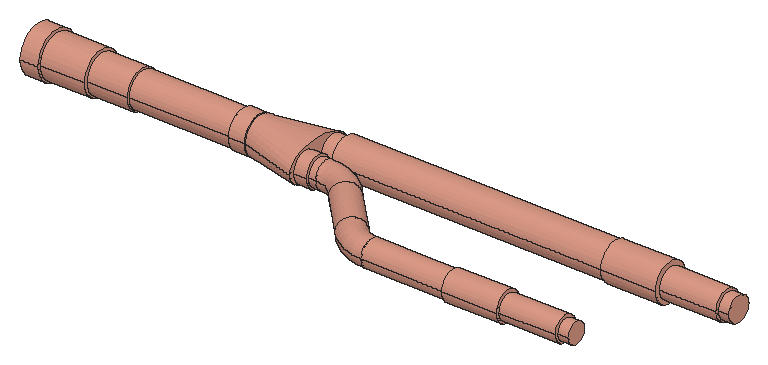
Revit family "outputfile", category 配管付属品, Revit 2024
Family settings
  丸型コネクタ寸法 = 半径を使用
  パーツ タイプ = 標準
  OmniClass 番号 = 23.65.55.00
  OmniClass タイトル = Distribution of Supplied Liquids/Gases
  作業面ベース = いいえ
  常に垂直 = はい
  ロード時にボイドで切り取り = いいえ
  共有 = いいえ
Parameters (values of type "KHRP25A73T + KHRP25M73TP")
  Description = ""
  製造元 = "Daikin"
  書き出し IFC クラス(タイプ) = "IfcPipeFittingType"
  定義済み IFC タイプ(タイプ) = "JUNCTION"
  Cost = 0
  Type Comments = ""
  Keynote = ""
  Type Image = (empty or 0)
  Assembly Code = ""
  mm⇔inch [instance] = yes
  Default Elevation = 0.0 mm
  モデル = "KHRP25A73T + KHRP25M73TP"
  table_StraightPipe [instance] = if(mm⇔inch, "Refnet Joint_KHRP25A-T_HPLPGas_StraightPipe", "Refnet Joint_KHRP25A-T_HPLPGas_StraightPipe_inch")  # "Refnet Joint_KHRP25A-T_HPLPGas_StraightPipe"
  table_BranchPipe [instance] = if(mm⇔inch, "Refnet Joint_KHRP25A-T_HPLPGas_BranchPipe", "Refnet Joint_KHRP25A-T_HPLPGas_BranchPipe_inch")  # "Refnet Joint_KHRP25A-T_HPLPGas_BranchPipe"
  table_Inlet [instance] = if(mm⇔inch, "Refnet Joint_KHRP25A-T_HPLPGas_Inlet", "Refnet Joint_KHRP25A-T_HPLPGas_Inlet_inch")  # "Refnet Joint_KHRP25A-T_HPLPGas_Inlet"
  switch_StraightPipe_Reducer [instance] = if(Is_StraightPipe Reducer = 1, 1 = 1, 1 = 0)  # no
  switch_StraightPipe3 [instance] = if(number_StraightPipe = 3, 1 = 1, 1 = 0)  # yes
  switch_StraightPipe2 [instance] = if(number_StraightPipe < 2, 1 = 0, 1 = 1)  # yes
  switch_BranchPipe_Reducer [instance] = if(Is_BranchPipe Reducer = 1, 1 = 1, 1 = 0)  # no
  switch_BranchPipe3 [instance] = if(number_BranchPipe = 3, 1 = 1, 1 = 0)  # yes
  switch_BranchPipe2 [instance] = if(number_BranchPipe < 2, 1 = 0, 1 = 1)  # yes
  switch_Inlet pipe_Reducer [instance] = if(Is_Inlet Reducer = 1, 1 = 1, 1 = 0)  # no
  switch_Inlet pipe3 [instance] = if(number_InletPipe = 3, 1 = 1, 1 = 0)  # yes
  switch_Inlet pipe2 [instance] = if(number_InletPipe < 2, 1 = 0, 1 = 1)  # yes
  Uniclass2015Version = "Products v1.31"
  Uniclass2015Title = "Copper pipe fittings"
  Uniclass2015Code = "Pr_65_52_63_18"
  URL = ""
  StraightPipe_HP/LP Gas_ActualDiameter [instance] = 15.9 mm
  Material_Piping = DAIKIN_Copper_Pipe
  Material_Insulation = DAIKIN_White_Insulation
  lw_Insulation [instance] = size_lookup(table_Inlet, "lw_Insulation", 60.0 mm, モデル)  # 57.0 mm
  Unit Type = "KHRP25A-T_HPLPGas"
  Tag No. [instance] = ""
  StraightPipe_HP/LP Gas_Status [instance] = size_lookup(table_StraightPipe, "Information", "The connected pipe size is not available.", モデル, [StraightPipe_HP/LP Gas_ActualDiameter])  # "Default connector size is used."
  Link_Nested Family [instance] = ""
  Inlet_HP/LP Gas_Actual Diameter [instance] = 31.8 mm
  IfcVersion = ""
  IfcExportType = "JUNCTION"
  IfcExportAs = "IfcPipeFittingType"
  BranchPipe_HP/LP Gas_Status [instance] = size_lookup(table_BranchPipe, "Information", "The connected pipe size is not available.", モデル, [BranchPipe_HP/LP Gas_ActualDiameter])  # "Default connector size is used."
  Inlet_HP/LP Gas_Status [instance] = size_lookup(table_Inlet, "Information", "The connected pipe size is not available.", モデル, [Inlet_HP/LP Gas_Actual Diameter])  # "Default connector size is used."
  Series = "Refnet Joint"
  O.R_dividePipe_Inlet [instance] = (I.D_InletPipe1 + 2.0 mm) / 2  # 13.7 mm
  r_StraightPipe_Connector [instance] = [StraightPipe_HP/LP Gas_ActualDiameter] / 2  # 7.95 mm
  r_BranchPipe_Connector [instance] = [BranchPipe_HP/LP Gas_ActualDiameter] / 2  # 6.35 mm
  r_Inlet_Connector [instance] = [Inlet_HP/LP Gas_Actual Diameter] / 2  # 15.9 mm
  number_StraightPipe [instance] = size_lookup(table_StraightPipe, "pipeNumber", 3, モデル, [StraightPipe_HP/LP Gas_ActualDiameter])  # 3
  number_BranchPipe [instance] = size_lookup(table_BranchPipe, "pipeNumber", 2, モデル, [BranchPipe_HP/LP Gas_ActualDiameter])  # 3
  number_InletPipe [instance] = size_lookup(table_Inlet, "pipeNumber", 2, モデル, [Inlet_HP/LP Gas_Actual Diameter])  # 3
  r_BranchPipeR [instance] = size_lookup(table_BranchPipe, "r_offsetPipeR", 20.0 mm, モデル, [BranchPipe_HP/LP Gas_ActualDiameter])  # 30.0 mm
  l_BranchPipe_Straight2 [instance] = size_lookup(table_BranchPipe, "L_offsetPipe2", 40.0 mm, モデル)  # 60.0 mm
  l_BranchPipe_Straight1 [instance] = size_lookup(table_BranchPipe, "L_offsetPipe1", 5.5 mm, モデル)  # 5.6 mm
  l_BranchPipe connector [instance] = size_lookup(table_BranchPipe, "Length", 165.0 mm, モデル, [BranchPipe_HP/LP Gas_ActualDiameter])  # 243.0 mm
  l_inlet connector [instance] = size_lookup(table_Inlet, "Length", 97.0 mm, モデル, [Inlet_HP/LP Gas_Actual Diameter])  # 162.0 mm
  l_dividePipe [instance] = size_lookup(table_Inlet, "L_devidePipe", 38.0 mm, モデル)  # 43.0 mm
  l_StraightPipeReducer [instance] = size_lookup(table_StraightPipe, "L_Reducer", 100.0 mm, モデル, [StraightPipe_HP/LP Gas_ActualDiameter])  # 100.0 mm
  l_StraightPipe3 [instance] = size_lookup(table_StraightPipe, "L_Pipe3", 8.0 mm, モデル)  # 8.0 mm
  l_StraightPipe2 [instance] = size_lookup(table_StraightPipe, "L_Pipe2", 42.0 mm, モデル)  # 42.0 mm
  l_StraightPipe1 [instance] = size_lookup(table_StraightPipe, "L_Pipe1", 40.0 mm, モデル)  # 40.0 mm
  l_StraightPipe0 [instance] = size_lookup(table_StraightPipe, "L_Pipe0", 105.0 mm, モデル)  # 198.0 mm
  l_StraightPipe connector [instance] = size_lookup(table_StraightPipe, "Length", 205.0 mm, モデル, [StraightPipe_HP/LP Gas_ActualDiameter])  # 298.0 mm
  l_BranchPipe Reducer [instance] = size_lookup(table_BranchPipe, "L_Reducer", 80.0 mm, モデル, [BranchPipe_HP/LP Gas_ActualDiameter])  # 120.0 mm
  l_BranchPipe3 [instance] = size_lookup(table_BranchPipe, "L_Pipe3", 2.0 mm, モデル)  # 8.0 mm
  l_BranchPipe2 [instance] = size_lookup(table_BranchPipe, "L_Pipe2", 7.0 mm, モデル)  # 42.0 mm
  l_BranchPipe1 [instance] = size_lookup(table_BranchPipe, "L_Pipe1", 43.0 mm, モデル)  # 40.0 mm
  l_BranchPipe0 [instance] = size_lookup(table_BranchPipe, "L_Pipe0", 105.0 mm, モデル)  # 143.0 mm
  l_InletReducer [instance] = size_lookup(table_Inlet, "L_Reducer", 60.0 mm, モデル, [Inlet_HP/LP Gas_Actual Diameter])  # 120.0 mm
  l_InletPipe3 [instance] = size_lookup(table_Inlet, "L_Pipe3", 2.0 mm, モデル)  # 13.0 mm
  l_InletPipe2 [instance] = size_lookup(table_Inlet, "L_Pipe2", 8.0 mm, モデル)  # 33.0 mm
  l_InletPipe1 [instance] = size_lookup(table_Inlet, "L_Pipe1", 42.0 mm, モデル)  # 30.0 mm
  l_InletPipe0 [instance] = size_lookup(table_Inlet, "L_Pipe0", 35.0 mm, モデル)  # 74.0 mm
  center_StraightPipe [instance] = size_lookup(table_StraightPipe, "center_Pipe", 8.5 mm, モデル)  # 12.5 mm
  center_BranchPipe2 [instance] = size_lookup(table_BranchPipe, "center_OffsetPipe", 71.5 mm, モデル)  # 67.5 mm
  center_BranchPipe1 [instance] = size_lookup(table_BranchPipe, "center_Pipe", 8.5 mm, モデル)  # 12.5 mm
  StraightPipe_HP/LP Gas_AvailableDiameter [instance] = size_lookup(table_StraightPipe, "sizeVariation", "", モデル)  # "15.9/19.1/22.2/25.4/28.6/31.8mm"
  BranchPipe_HP/LP Gas_AvailableDiameter [instance] = size_lookup(table_BranchPipe, "sizeVariation", "", モデル)  # "9.5/12.7/15.9/19.1/22.2/25.4mm"
  Inlet_HP/LP Gas_Available Diameter [instance] = size_lookup(table_Inlet, "sizeVariation", "", モデル)  # "25.4/28.6/31.8/34.9/41.3mm"
  O.D_StraightPipe Reducer [instance] = size_lookup(table_StraightPipe, "O.D_reducer", 2.0 mm, モデル, [StraightPipe_HP/LP Gas_ActualDiameter])  # 2.0 mm
  O.D_Offset Outlet Reducer [instance] = size_lookup(table_BranchPipe, "O.D_reducer", 2.0 mm, モデル, [BranchPipe_HP/LP Gas_ActualDiameter])  # 2.0 mm
  O.D_Inlet Reducer [instance] = size_lookup(table_Inlet, "O.D_reducer", 2.0 mm, モデル, [Inlet_HP/LP Gas_Actual Diameter])  # 2.0 mm
  Is_StraightPipe Reducer [instance] = size_lookup(table_StraightPipe, "IsReducer", 0, モデル, [StraightPipe_HP/LP Gas_ActualDiameter])  # 0
  Is_BranchPipe Reducer [instance] = size_lookup(table_BranchPipe, "IsReducer", 0, モデル, [BranchPipe_HP/LP Gas_ActualDiameter])  # 0
  Is_Inlet Reducer [instance] = size_lookup(table_Inlet, "IsReducer", 0, モデル, [Inlet_HP/LP Gas_Actual Diameter])  # 0
  BranchPipe_HP/LP Gas_ActualDiameter [instance] = 12.7 mm
  Attach_Insulation [instance] = no
  I.D_StraightPipe3 [instance] = size_lookup(table_StraightPipe, "I.D_PipeSize3", 9.5 mm, モデル)  # 15.9 mm
  I.D_StraightPipe2 [instance] = size_lookup(table_StraightPipe, "I.D_PipeSize2", 12.7 mm, モデル)  # 19.1 mm
  I.D_StraightPipe1 [instance] = size_lookup(table_StraightPipe, "I.D_PipeSize1", 15.9 mm, モデル)  # 25.4 mm
  I.D_StraightPipe0 [instance] = size_lookup(table_StraightPipe, "I.D_PipeSize0", 13.9 mm, モデル)  # 23.4 mm
  I.D_BranchPipe3 [instance] = size_lookup(table_BranchPipe, "I.D_PipeSize3", 2.0 mm, モデル)  # 12.7 mm
  I.D_BranchPipe2 [instance] = size_lookup(table_BranchPipe, "I.D_PipeSize2", 9.5 mm, モデル)  # 15.9 mm
  I.D_BranchPipe1 [instance] = size_lookup(table_BranchPipe, "I.D_PipeSize1", 12.7 mm, モデル)  # 19.1 mm
  I.D_BranchPipe0 [instance] = size_lookup(table_BranchPipe, "I.D_PipeSize0", 10.7 mm, モデル)  # 17.1 mm
  I.D_Straight Reducer [instance] = size_lookup(table_StraightPipe, "I.D_reducer", 2.0 mm, モデル, [StraightPipe_HP/LP Gas_ActualDiameter])  # 2.0 mm
  I.D_OutletPipe [instance] = size_lookup(table_Inlet, "I.D_OutletPipeSize", 13.3 mm, モデル, [Inlet_HP/LP Gas_Actual Diameter])  # 19.6 mm
  I.D_Branch Reducer [instance] = size_lookup(table_BranchPipe, "I.D_reducer", 2.0 mm, モデル, [BranchPipe_HP/LP Gas_ActualDiameter])  # 2.0 mm
  I.D_Inlet Reducer [instance] = size_lookup(table_Inlet, "I.D_reducer", 2.0 mm, モデル, [Inlet_HP/LP Gas_Actual Diameter])  # 2.0 mm
  I.D_InletPipe3 [instance] = size_lookup(table_Inlet, "I.D_PipeSize3", 2.0 mm, モデル)  # 31.8 mm
  I.D_InletPipe2 [instance] = size_lookup(table_Inlet, "I.D_PipeSize2", 12.7 mm, モデル)  # 28.6 mm
  I.D_InletPipe1 [instance] = size_lookup(table_Inlet, "I.D_PipeSize1", 15.9 mm, モデル)  # 25.4 mm
  I.D_InletPipe0 [instance] = size_lookup(table_Inlet, "I.D_PipeSize0", 13.9 mm, モデル)  # 23.4 mm
Reference planes
  plane 1 "Center (Front/Back)": y = 0
  plane 2: z = 0
  plane 3 "base_left": x = 0
  plane 4: x = 13
  plane 5: x = 46
  plane 6: x = 76
  plane 7: x = 150
  plane 8: x = 162
  plane 9: x = 205
  plane 10: x = 215
  plane 11 "center_straight outlet": y = 12.5
  plane 12 "center2_offset outlet": y = -67.5
  plane 13 "center1_offset outlet": y = -12.5
  plane 14: x = 413
  plane 15: x = 453
  plane 16: x = 495
  plane 17: x = 358
  plane 18: x = 398
  plane 19: x = 440
  plane 20: x = 503
  plane 21: x = 448
  plane 22 "Reducer_straightoutlet": x = 448
  plane 23: x = 503
  plane 24: y = -26.2
  plane 25: z = 13.7
  plane 26 "Inlet_connector": x = 0
  plane 27 "Left_Insulation": x = 105
Forms (mm)
  SweptBlend 1, solid, material "DAIKIN_Copper_Pipe" <- "Material_Piping"
    path origin (0, 0, 0) x (1, 0, 0) y (0, 1, 0)
      loop
        line (162, 0) -> (205, 0)
    profile origin (162, 0, 0) x (0, 1, 0) y (0, 0, 1)
      loop
        circle (0, 0) r 13.7
    end profile origin (205, 0, 0) x (0, 1, 0) y (0, 0, 1)
      loop
        spline (-26.2, 0) -> (-25.307, -3.546) -> (-22.69, -6.85) -> (-18.526, -9.687) -> (-13.1, -11.865) -> (-6.781, -13.233) -> (0, -13.7) -> (6.781, -13.233) -> (13.1, -11.865) -> (18.526, -9.687) -> (22.69, -6.85) -> (25.307, -3.546) -> (26.2, 0)
        spline (26.2, 0) -> (25.307, 3.546) -> (22.69, 6.85) -> (18.526, 9.687) -> (13.1, 11.865) -> (6.781, 13.233) -> (0, 13.7) -> (-6.781, 13.233) -> (-13.1, 11.865) -> (-18.526, 9.687) -> (-22.69, 6.85) -> (-25.307, 3.546) -> (-26.2, 0)
Dimensions and locks
  "l_InletPipe3": plane 3 "base_left" to plane 4
  "l_InletPipe2": plane 4 to plane 5
  "l_InletPipe1": plane 5 to plane 6
  "l_InletPipe0": plane 6 to plane 7
  locked: plane 7 to plane 8 at 12
  "center_StraightPipe": plane 1 "Center (Front/Back)" to plane 11 "center_straight outlet"
  "center_BranchPipe2": plane 12 "center2_offset outlet" to plane 1 "Center (Front/Back)"
  "center_BranchPipe1": plane 13 "center1_offset outlet" to plane 1 "Center (Front/Back)"
  "l_dividePipe": plane 8 to plane 9
  plane 9 to plane 10 = 10.0 mm
  "l_StraightPipe0": plane 10 to plane 14
  "l_BranchPipe0": plane 10 to plane 17
  "l_BranchPipe1": plane 17 to plane 18
  "l_BranchPipe2": plane 18 to plane 19
  "l_StraightPipe1": plane 14 to plane 15
  "l_StraightPipe2": plane 15 to plane 16
  "l_StraightPipe3": plane 16 to plane 20
  "l_BranchPipe3": plane 19 to plane 21
  "l_BranchPipe connector": plane 9 to plane 22 "Reducer_straightoutlet"
  "l_StraightPipe connector": plane 9 to plane 23
  "O.R_dividePipe_Inlet": plane 24 to plane 13 "center1_offset outlet"
  "O.R_dividePipe_Inlet": plane 25 to plane 2
  "l_inlet connector": plane 26 "Inlet_connector" to plane 8
  "lw_Insulation": plane 27 "Left_Insulation" to plane 8
  "O.R_dividePipe_Inlet": radius of SweptBlend 1 sketch curve
  aligned and locked: level to plane 2
  aligned and locked: plane 2 to nested 1
  aligned and locked: plane 3 "base_left" to nested 1
  aligned and locked: plane 1 "Center (Front/Back)" to nested 1
  aligned and locked: plane 4 to nested 2
  aligned and locked: plane 1 "Center (Front/Back)" to nested 2
  aligned and locked: plane 5 to nested 2
  aligned and locked: plane 5 to nested 3
  aligned and locked: plane 6 to nested 3
  aligned and locked: plane 6 to nested 4
  aligned and locked: nested 4 to plane 7
  aligned and locked: nested 5 to plane 7
  aligned and locked: nested 5 to plane 8
  aligned and locked: plane 8 to SweptBlend 1 sketch curve
  aligned and locked: plane 9 to SweptBlend 1 sketch curve
  aligned and locked: plane 2 to SweptBlend 1 sketch curve  (x2)
  aligned and locked: plane 1 "Center (Front/Back)" to SweptBlend 1 sketch curve  (x2)
  aligned and locked: nested 6 to plane 9
  aligned and locked: nested 7 to plane 9
  aligned and locked: nested 6 to plane 11 "center_straight outlet"
  aligned and locked: nested 7 to plane 13 "center1_offset outlet"
  aligned and locked: nested 7 to plane 10
  aligned and locked: nested 6 to plane 10
  aligned and locked: nested 8 to plane 10
  aligned and locked: plane 14 to nested 8
  aligned and locked: nested 8 to plane 11 "center_straight outlet"
  aligned and locked: plane 14 to nested 9
  aligned and locked: nested 9 to plane 11 "center_straight outlet"
  aligned and locked: plane 15 to nested 9
  aligned and locked: nested 10 to plane 11 "center_straight outlet"
  aligned and locked: plane 15 to nested 10
  aligned and locked: plane 16 to nested 10
  aligned and locked: nested 11 to plane 12 "center2_offset outlet"
  aligned and locked: plane 17 to nested 11
  aligned and locked: plane 18 to nested 11
  aligned and locked: nested 12 to plane 12 "center2_offset outlet"
  aligned and locked: plane 18 to nested 12
  aligned and locked: plane 19 to nested 12
  aligned and locked: nested 13 to plane 10
  aligned and locked: nested 13 to plane 13 "center1_offset outlet"
  aligned and locked: nested 13 to plane 12 "center2_offset outlet"
  aligned and locked: plane 8 to nested 14
  aligned and locked: plane 1 "Center (Front/Back)" to nested 14
  aligned and locked: plane 11 "center_straight outlet" to nested 15
  aligned and locked: nested 15 to plane 9
  aligned and locked: nested 16 to plane 9
  aligned and locked: plane 12 "center2_offset outlet" to nested 16
  aligned and locked: nested 17 to plane 1 "Center (Front/Back)"
  aligned and locked: plane 16 to nested 18
  aligned and locked: plane 20 to nested 18
  aligned and locked: plane 19 to nested 19
  aligned and locked: plane 21 to nested 19
  aligned and locked: nested 20 to plane 12 "center2_offset outlet"
  aligned and locked: plane 23 to nested 21
  aligned and locked: nested 21 to plane 11 "center_straight outlet"
  aligned and locked: plane 4 to nested 1
  aligned and locked: plane 24 to SweptBlend 1 sketch curve
  aligned and locked: plane 25 to SweptBlend 1 sketch curve
  aligned and locked: nested 19 to plane 12 "center2_offset outlet"
  aligned and locked: nested 18 to plane 11 "center_straight outlet"
  aligned and locked: nested 17 to plane 26 "Inlet_connector"
  aligned and locked: plane 22 "Reducer_straightoutlet" to nested 20
  aligned and locked: plane 27 "Left_Insulation" to nested 22
  aligned and locked: plane 1 "Center (Front/Back)" to nested 22
Automatic sketch dimensions
  plane 1 "Center (Front/Back)" to SweptBlend 1 sketch curve = 0.0 mm
Nested families
  nested 1: "daikin_Pipe" at (6.5, 0, 0), I.D_Pipe <- "I.D_InletPipe3", display <- "switch_Inlet pipe3", type "*"
    with length_Pipe 13.0 mm, display yes, O.D_Pipe 33.8 mm, I.D_Pipe 31.8 mm
  nested 2: "daikin_Pipe" at (29.5, 0, 0), I.D_Pipe <- "I.D_InletPipe2", display <- "switch_Inlet pipe2", type "*"
    with length_Pipe 33.0 mm, display yes, O.D_Pipe 30.6 mm, I.D_Pipe 28.6 mm
  nested 3: "daikin_Pipe" at (61, 0, 0), I.D_Pipe <- "I.D_InletPipe1", type "*"
    with length_Pipe 30.0 mm, display yes, O.D_Pipe 27.4 mm, I.D_Pipe 25.4 mm
  nested 4: "daikin_Pipe" at (113, 0, 0), I.D_Pipe <- "I.D_InletPipe0", type "*"
    with length_Pipe 74.0 mm, display yes, O.D_Pipe 25.4 mm, I.D_Pipe 23.4 mm
  nested 5: "daikin_Pipe" at (156, 0, 0), I.D_Pipe <- "I.D_InletPipe1", type "*"
    with length_Pipe 12.0 mm, display yes, O.D_Pipe 27.4 mm, I.D_Pipe 25.4 mm
  nested 6: "daikin_Pipe" at (210, 12.5, 0), I.D_Pipe <- "I.D_OutletPipe", type "*"
    with length_Pipe 10.0 mm, display yes, O.D_Pipe 21.6 mm, I.D_Pipe 19.6 mm
  nested 7: "daikin_Pipe" at (210, -12.5, 0), I.D_Pipe <- "I.D_OutletPipe", type "*"
    with length_Pipe 10.0 mm, display yes, O.D_Pipe 21.6 mm, I.D_Pipe 19.6 mm
  nested 8: "daikin_Pipe" at (314, 12.5, 0), I.D_Pipe <- "I.D_StraightPipe0", type "*"
    with length_Pipe 198.0 mm, display yes, O.D_Pipe 25.4 mm, I.D_Pipe 23.4 mm
  nested 9: "daikin_Pipe" at (433, 12.5, 0), I.D_Pipe <- "I.D_StraightPipe1", type "*"
    with length_Pipe 40.0 mm, display yes, O.D_Pipe 27.4 mm, I.D_Pipe 25.4 mm
  nested 10: "daikin_Pipe" at (474, 12.5, 0), I.D_Pipe <- "I.D_StraightPipe2", display <- "switch_StraightPipe2", type "*"
    with length_Pipe 42.0 mm, display yes, O.D_Pipe 21.1 mm, I.D_Pipe 19.1 mm
  nested 11: "daikin_Pipe" at (378, -67.5, 0), I.D_Pipe <- "I.D_BranchPipe1", type "*"
    with length_Pipe 40.0 mm, display yes, O.D_Pipe 21.1 mm, I.D_Pipe 19.1 mm
  nested 12: "daikin_Pipe" at (419, -67.5, 0), I.D_Pipe <- "I.D_BranchPipe2", display <- "switch_BranchPipe2", type "*"
    with length_Pipe 42.0 mm, display yes, O.D_Pipe 17.9 mm, I.D_Pipe 15.9 mm
  nested 13: "daikin_Pipe Ofsset" at (215, -12.5, 0), I.D_Pipe size <- "I.D_BranchPipe0", length_straight pipe1 <- "l_BranchPipe_Straight1", length_straight pipe2 <- "l_BranchPipe_Straight2", r_Pipe R <- "r_BranchPipeR", length_Pipe <- "l_BranchPipe0", type "*"
    with r_Pipe R 30.0 mm, length_straight pipe2 60.0 mm, length_straight pipe1 5.6 mm, length_offset center 55.0 mm, length_Pipe 143.0 mm, O.D_Pipe size 19.1 mm, I.D_Pipe size 17.1 mm
  nested 14: "daikin_connector_rotate2" at (162, 0, 0) x (0, -1, 0) z (0, 0, 1), length <- "l_inlet connector", type "daikin_connector_rotate2"
    with radius 5.0 mm, length 162.0 mm, angle_vertical 90.00°, locaton_mark no
  nested 15: "daikin_connector_rotate2" at (205, 12.5, 0) x (0, 1, 0) z (0, 0, 1), length <- "l_StraightPipe connector", type "daikin_connector_rotate2"
    with radius 5.0 mm, length 298.0 mm, angle_vertical 90.00°, locaton_mark no
  nested 16: "daikin_connector_rotate2" at (205, -67.5, 0) x (0, 1, 0) z (0, 0, 1), length <- "l_BranchPipe connector", type "daikin_connector_rotate2"
    with radius 5.0 mm, length 243.0 mm, angle_vertical 90.00°, locaton_mark no
  nested 17: "daikin_Pipe_reducer" at (60, 0, 0) x (-1, 0, 0) z (0, 0, 1), display <- "switch_Inlet pipe_Reducer", length_Pipe <- "l_InletReducer", I.D_Pipe1 <- "I.D_Inlet Reducer", O.D_Pipe2 <- "O.D_Inlet Reducer", type "*"
    with length_Pipe 120.0 mm, display no, O.D_Pipe2 2.0 mm, O.D_Pipe1 4.0 mm, I.D_Pipe2 0.0 mm, I.D_Pipe1 2.0 mm
  nested 18: "daikin_Pipe" at (499, 12.5, 0), I.D_Pipe <- "I.D_StraightPipe3", display <- "switch_StraightPipe3", type "*"
    with length_Pipe 8.0 mm, display yes, O.D_Pipe 17.9 mm, I.D_Pipe 15.9 mm
  nested 19: "daikin_Pipe" at (444, -67.5, 0), I.D_Pipe <- "I.D_BranchPipe3", display <- "switch_BranchPipe3", type "*"
    with length_Pipe 8.0 mm, display yes, O.D_Pipe 14.7 mm, I.D_Pipe 12.7 mm
  nested 20: "daikin_Pipe_reducer" at (388, -67.5, 0), I.D_Pipe1 <- "I.D_Branch Reducer", O.D_Pipe2 <- "O.D_Offset Outlet Reducer", length_Pipe <- "l_BranchPipe Reducer", display <- "switch_BranchPipe_Reducer", type "*"
    with length_Pipe 120.0 mm, display no, O.D_Pipe2 2.0 mm, O.D_Pipe1 4.0 mm, I.D_Pipe2 0.0 mm, I.D_Pipe1 2.0 mm
  nested 21: "daikin_Pipe_reducer" at (453, 12.5, 0), I.D_Pipe1 <- "I.D_Straight Reducer", O.D_Pipe2 <- "O.D_StraightPipe Reducer", length_Pipe <- "l_StraightPipeReducer", display <- "switch_StraightPipe_Reducer", type "*"
    with length_Pipe 100.0 mm, display no, O.D_Pipe2 2.0 mm, O.D_Pipe1 4.0 mm, I.D_Pipe2 0.0 mm, I.D_Pipe1 2.0 mm
  nested 22: "daikin_Insulation_RefnetJoint" at (105, 0, 0), I.D_Outlet PipeSize <- "I.D_OutletPipe", type "*"
    with h 51.6 mm, I.D_Outlet PipeSize 19.6 mm, r_Insulation 11.0 mm, h_Insulation 200.0 mm, d_Insulation3_3 73.0 mm, d_Insulation2_2 43.5 mm, d_Insulation1_1 30.0 mm, w_Insulation4 60.3 mm, w_Insulation3 41.3 mm, w_Insulation2 72.0 mm, w_Insulation1 20.0 mm, d_Insulation3 65.0 mm, d_Insulation2 43.5 mm, d_Insulation1 30.0 mm
Connectors
  piping at (0, 0, 0), diameter 31.8, driven by "r_Inlet_Connector"
    settings: on nested 14, index 1, connector inside diameter 609.6 mm, connector length 0.0 mm, flow factor 0, pipe flow 0.00 m³/h, pressure drop 0.0 Pa, fitting loss kfactor 0, connector angle 0.00°, fixture units 0, engagement length 0.0 mm, angle of deflection 0.00°, flow configuration 0, flow direction 0, fitting loss method 0, system type 29, joint type 0, gender type 0, connector reference index -1, connector utility 0, adjustable connector no, is connector primary yes, connector description "Refnet Joint_Inlet_HP/LP Gas"
  piping at (448, -67.5, 0), diameter 12.7, driven by "r_BranchPipe_Connector"
    settings: on nested 16, index 2, connector inside diameter 609.6 mm, connector length 0.0 mm, flow factor 0, pipe flow 0.00 m³/h, pressure drop 0.0 Pa, fitting loss kfactor 0, connector angle 0.00°, fixture units 0, engagement length 0.0 mm, angle of deflection 0.00°, flow configuration 0, flow direction 0, fitting loss method 0, system type 29, joint type 0, gender type 0, connector reference index -1, connector utility 0, adjustable connector no, is connector primary no, connector description "Refnet Joint_Outlet Branch_HP/LP Gas"
  piping at (503, 12.5, 0), diameter 15.9, driven by "r_StraightPipe_Connector"
    settings: on nested 15, index 3, connector inside diameter 609.6 mm, connector length 0.0 mm, flow factor 0, pipe flow 0.00 m³/h, pressure drop 0.0 Pa, fitting loss kfactor 0, connector angle 0.00°, fixture units 0, engagement length 0.0 mm, angle of deflection 0.00°, flow configuration 0, flow direction 0, fitting loss method 0, system type 29, joint type 0, gender type 0, connector reference index -1, connector utility 0, adjustable connector no, is connector primary no, connector description "Refnet Joint_Outlet Straight_HP/LP Gas"
Definition of nested family "daikin_Pipe"
  Parameters (values of type "*")
    Default Elevation = 0.0 mm
    material = none
    length_Pipe [instance] = 150.0 mm
    display [instance] = yes
    O.D_Pipe [instance] = I.D_Pipe + 2.0 mm  # 27.0 mm
    I.D_Pipe [instance] = 25.0 mm
  Reference planes
    plane 1 "Center (Front/Back)": y = 0
    plane 2 "center(vertical)": z = 0
    plane 3 "Center (Left/Right)": x = 0
    plane 4 "left": x = -75
    plane 5 "right": x = 75
  Forms (mm)
    Extrusion 1, solid, material <- "material", visible <- "display"
      sketch origin (0, 0, 0) x (0, 1, 0) y (0, 0, 1)
        loop
          circle (0, 0) r 13.5
      from -75 to 75
  Dimensions and locks
    equal spacing: plane 4 "left", plane 3 "Center (Left/Right)", plane 5 "right"
    "length_Pipe": plane 4 "left" to plane 5 "right"
    "O.D_Pipe": diameter of Extrusion 1 sketch curve
    aligned and locked: level to plane 2 "center(vertical)"
    aligned and locked: plane 2 "center(vertical)" to Extrusion 1 sketch curve
    aligned and locked: plane 1 "Center (Front/Back)" to Extrusion 1 sketch curve
    aligned and locked: plane 5 "right" to Extrusion 1
    aligned and locked: Extrusion 1 to plane 4 "left"
Definition of nested family "daikin_Pipe Ofsset"
  Parameters (values of type "*")
    Default Elevation = 0.0 mm
    r_Pipe R [instance] = 40.0 mm
    material = none
    length_straight pipe2 [instance] = 43.0 mm
    length_straight pipe1 [instance] = 5.0 mm
    length_offset center [instance] = 57.0 mm
    length_Pipe [instance] = 110.0 mm
    O.D_Pipe size [instance] = I.D_Pipe size + 2.0 mm  # 12.0 mm
    I.D_Pipe size [instance] = 10.0 mm
  Reference planes
    plane 1 "Center (Front/Back)": y = 0
    plane 2: z = 0
    plane 3 "Center (Left/Right)": x = 0
    plane 4: y = -57
    plane 5: x = 110
    plane 6: x = 67
    plane 7: x = 5
  Forms (mm)
    Sweep 1, solid, material <- "material"
      path origin (0, 0, 0) x (1, 0, 0) y (0, 1, 0)
        loop
          line (0, 0) -> (5, 0)
          arc (5, 0) -> (20.74, -3.227) -> (33.94, -12.387) r 40
          line (33.94, -12.387) -> (38.06, -44.613)
          arc (38.06, -44.613) -> (51.26, -53.773) -> (67, -57) r 40
          line (67, -57) -> (110, -57)
      profile origin (2.5, 0, 0) x (0, 1, 0) y (0, 0, 1)
        loop
          circle (0, 0) r 6
  Dimensions and locks
    "length_offset center": plane 4 to plane 1 "Center (Front/Back)"
    "length_straight pipe1": plane 3 "Center (Left/Right)" to plane 7
    "length_Pipe": plane 3 "Center (Left/Right)" to plane 5
    "length_straight pipe2": plane 6 to plane 5
    "O.D_Pipe size": diameter of Sweep 1 sketch curve
    "r_Pipe R": radius of Sweep 1 sketch curve  (x2)
    aligned and locked: level to plane 2
    aligned and locked: plane 1 "Center (Front/Back)" to Sweep 1 sketch curve
    aligned and locked: profile plane to Sweep 1 sketch curve
    aligned and locked: plane 5 to Sweep 1 sketch curve
    aligned and locked: plane 7 to Sweep 1 sketch curve
    aligned and locked: plane 6 to Sweep 1 sketch curve
  Automatic sketch dimensions
    plane 1 "Center (Front/Back)" to Sweep 1 sketch curve = 0.0 mm
    Sweep 1 sketch curve to plane 3 "Center (Left/Right)" = 0.0 mm
    plane 4 to Sweep 1 sketch curve = 0.0 mm
    plane 1 "Center (Front/Back)" to Sweep 1 sketch curve = 12.387 mm
    Sweep 1 sketch curve to plane 4 = 12.387 mm
Definition of nested family "daikin_connector_rotate2"
  Parameters (values of type "daikin_connector_rotate2")
    show_face = no
    radius [instance] = 10.0 mm
    locaton_mark = yes
    length [instance] = 600.0 mm
    d_surface = 10.0 mm
    angle_vertical [instance] = 90.00°
    Default Elevation = 0.0 mm
  Reference planes
    plane 1 "Center (Front/Back)": y = 0
    plane 2: z = 0
    plane 3 "Center (Left/Right)": x = 0
  Forms (mm)
    Extrusion 1, solid, visible <- "show_face"
      sketch origin (0, -600, 0) x (1, 0, 0) y (0, 0, 1)
        loop
          circle (0, 0) r 10
      from 0 to -10
  Lines and regions (mm)
    reference lines
      curve 1: line (0, 0, 0) -> (0, -600, 0)
    symbolic lines, visible <- "locaton_mark"
      curve 2: circle (0, 0, 0) r 5 normal (0, 0, 1)
    model lines, visible <- "show_face"
      curve 3: line (0, 0, 0) -> (0, -600, 0)
  Dimensions and locks
    "length": curve 1 to curve 1
    "length": curve 3 to curve 3
    "d_surface": Extrusion 1 to Extrusion 1
    "radius": radius of Extrusion 1 sketch curve
    "angle_vertical": angle curve 1 to plane 1 "Center (Front/Back)"
    "angle_vertical": angle curve 3 to plane 1 "Center (Front/Back)"
    aligned and locked: level to plane 2
    aligned and locked: plane 1 "Center (Front/Back)" to curve 1
    aligned and locked: plane 2 to curve 1
    aligned and locked: plane 1 "Center (Front/Back)" to curve 2
    aligned and locked: plane 3 "Center (Left/Right)" to curve 2
    aligned and locked: plane 1 "Center (Front/Back)" to curve 3
    aligned and locked: plane 2 to curve 3
    aligned and locked: Extrusion 1 to Extrusion 1
  Automatic sketch dimensions
    Extrusion 1 sketch curve to level = 0.0 mm
    Extrusion 1 sketch curve to plane 3 "Center (Left/Right)" = 0.0 mm
    radius of curve 2 = 5.0 mm
Definition of nested family "daikin_Pipe_reducer"
  Parameters (values of type "*")
    Default Elevation = 0.0 mm
    material = none
    length_Pipe [instance] = 250.0 mm
    display [instance] = yes
    O.D_Pipe2 [instance] = 19.1 mm
    O.D_Pipe1 [instance] = I.D_Pipe1 + 2.0 mm  # 24.2 mm
    I.D_Pipe2 [instance] = O.D_Pipe2 - 2.0 mm  # 17.1 mm
    I.D_Pipe1 [instance] = 22.2 mm
  Reference planes
    plane 1 "Center (Front/Back)": y = 0
    plane 2 "center(vertical)": z = 0
    plane 3 "Center (Left/Right)": x = 0
    plane 4 "connection": x = -125
    plane 5 "right": x = 113
    plane 6: x = 125
  Forms (mm)
    Extrusion 1, solid, material <- "material", visible <- "display"
      sketch origin (0, 0, 0) x (0, 1, 0) y (0, 0, 1)
        loop
          circle (0, 0) r 9.55
      from -125 to 113
    Extrusion 2, solid, material <- "material", visible <- "display"
      sketch origin (0, 0, 0) x (0, 1, 0) y (0, 0, 1)
        loop
          circle (0, 0) r 12.1
      from 113 to 125
  Dimensions and locks
    locked: plane 5 "right" to plane 6 at 12
    "length_Pipe": plane 4 "connection" to plane 6
    equal spacing: plane 4 "connection", plane 3 "Center (Left/Right)", plane 6
    "O.D_Pipe2": diameter of Extrusion 1 sketch curve
    "O.D_Pipe1": diameter of Extrusion 2 sketch curve
    aligned and locked: level to plane 2 "center(vertical)"
    aligned and locked: plane 2 "center(vertical)" to Extrusion 1 sketch curve
    aligned and locked: plane 1 "Center (Front/Back)" to Extrusion 1 sketch curve
    aligned and locked: plane 5 "right" to Extrusion 1
    aligned and locked: Extrusion 1 to plane 4 "connection"
    aligned and locked: plane 2 "center(vertical)" to Extrusion 2 sketch curve
    aligned and locked: plane 1 "Center (Front/Back)" to Extrusion 2 sketch curve
    aligned and locked: Extrusion 2 to plane 5 "right"
    aligned and locked: plane 6 to Extrusion 2
Definition of nested family "daikin_Insulation_RefnetJoint"
  Parameters (values of type "*")
    r_Insulation = size_lookup(table_Insulation, "r_Insulation", 13.5 mm, Model)  # 13.5 mm
    h_Insulation = size_lookup(table_Insulation, "h_Insulation", 202.5 mm, Model)  # 202.5 mm
    d_Insulation3_3 = size_lookup(table_Insulation, "d_Insulation3_3", 68.0 mm, Model)  # 68.0 mm
    d_Insulation2_2 = size_lookup(table_Insulation, "d_Insulation2_2", 39.5 mm, Model)  # 39.5 mm
    d_Insulation1_1 = size_lookup(table_Insulation, "d_Insulation1_1", 28.0 mm, Model)  # 28.0 mm
    Default Elevation = 0.0 mm
    Model = "KHRP25A22T"
    w_Insulation5 = size_lookup(table_Insulation, "w_Insulation5", 212.0 mm, Model)  # 212.0 mm
    w_Insulation4 = size_lookup(table_Insulation, "w_Insulation4", 67.0 mm, Model)  # 67.0 mm
    w_Insulation3 = size_lookup(table_Insulation, "w_Insulation3", 34.7 mm, Model)  # 34.7 mm
    w_Insulation2 = size_lookup(table_Insulation, "w_Insulation2", 80.0 mm, Model)  # 80.0 mm
    w_Insulation1 = size_lookup(table_Insulation, "w_Insulation1", 22.0 mm, Model)  # 22.0 mm
    table_Insulation = "Refnet Joint_KHRP25A-T_HPLPGas_Insulation"  # constant formula
    material = none
    h [instance] = (I.D_Outlet PipeSize + 2.0 mm) + 30.0 mm  # 47.0 mm
    display = no
    d_Insulation3 = size_lookup(table_Insulation, "d_Insulation3", 63.5 mm, Model)  # 63.5 mm
    d_Insulation2 = size_lookup(table_Insulation, "d_Insulation2", 39.5 mm, Model)  # 39.5 mm
    d_Insulation1 = size_lookup(table_Insulation, "d_Insulation1", 28.0 mm, Model)  # 28.0 mm
    I.D_Outlet PipeSize [instance] = 15.0 mm
  Reference planes
    plane 1 "Center (Front/Back)": y = 0
    plane 2: z = 0
    plane 3 "Left": x = 0
    plane 4 "top": z = 23.5
    plane 5 "bottom": z = -23.5
    plane 6: x = 22
    plane 7: x = 80
    plane 8: y = 28
    plane 9: y = -28
    plane 10: y = 39.5
    plane 11: y = -39.5
    plane 12: y = -92
    plane 13: x = 212
    plane 14: y = -28.5
    plane 15: x = 114.7
    plane 16: x = 145
    plane 17: x = 202.5
  Forms (mm)
    Extrusion 1, solid, material <- "material", visible <- "display"
      sketch origin (0, 0, 0) x (1, 0, 0) y (0, 1, 0)
        loop
          line (22, 28) -> (0, 28) -> (0, -28) -> (22, -28) -> (80, -39.5) -> (114.7, -39.5) -> (145, -92) -> (212, -92) -> (212, -42) -> (202.5, -42)
          arc (202.5, -42) -> (189, -28.5) -> (202.5, -15) r 13.5
          line (202.5, -15) -> (212, -15) -> (212, 39.5) -> (80, 39.5) -> (22, 28)
      from -23.5 to 23.5
  Dimensions and locks
    equal spacing: plane 4 "top", plane 2, plane 5 "bottom"
    "h": plane 4 "top" to plane 5 "bottom"
    "w_Insulation1": plane 3 "Left" to plane 6
    "w_Insulation2": plane 3 "Left" to plane 7
    "w_Insulation5": plane 3 "Left" to plane 13
    "w_Insulation3": plane 7 to plane 15
    "w_Insulation4": plane 16 to plane 13
    "d_Insulation1": plane 1 "Center (Front/Back)" to plane 9
    "d_Insulation1_1": plane 8 to plane 1 "Center (Front/Back)"
    "d_Insulation2": plane 1 "Center (Front/Back)" to plane 11
    "d_Insulation2_2": plane 10 to plane 1 "Center (Front/Back)"
    "d_Insulation3_3": plane 10 to plane 14
    "d_Insulation3": plane 14 to plane 12
    "r_Insulation": Extrusion 1 sketch curve to plane 14
    "r_Insulation": plane 14 to Extrusion 1 sketch curve
    "h_Insulation": plane 3 "Left" to plane 17
    "r_Insulation": radius of Extrusion 1 sketch curve
    aligned and locked: level to plane 2
    aligned and locked: Extrusion 1 to plane 5 "bottom"
    aligned and locked: plane 4 "top" to Extrusion 1
    aligned and locked: plane 6 to Extrusion 1  (x2)
    aligned and locked: plane 7 to Extrusion 1  (x2)
    aligned and locked: plane 6 to Extrusion 1 sketch curve
    aligned and locked: plane 11 to Extrusion 1 sketch curve
    aligned and locked: plane 7 to Extrusion 1 sketch curve  (x2)
    aligned and locked: plane 10 to Extrusion 1 sketch curve
    aligned and locked: Extrusion 1 sketch curve to plane 12
    aligned and locked: Extrusion 1 sketch curve to plane 13  (x2)
    aligned and locked: plane 16 to Extrusion 1 sketch curve
    aligned and locked: plane 15 to Extrusion 1 sketch curve
    aligned and locked: plane 17 to Extrusion 1 sketch curve
  Automatic sketch dimensions
    Extrusion 1 sketch curve to plane 3 "Left" = 0.0 mm
    Extrusion 1 sketch curve to plane 6 = 0.0 mm
    Extrusion 1 sketch curve to plane 9 = 0.0 mm
    Extrusion 1 sketch curve to plane 8 = 0.0 mm
